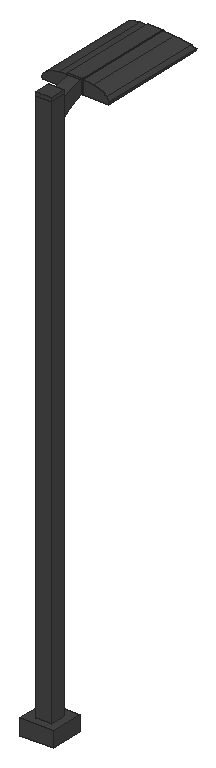
Revit family "ALT3", category Lighting Fixtures, Revit 2014
Parameters (values of type "ALT3")
  Width = 14.00"
  Wattage Comments = "20W"
  Wattage = 20 W
  built-in parameter 1150110 = 1 (stored number, unit not read)
  Voltage = 0 V
  URL = "https://www.hubbell.com/kimlighting/en"
  Type Comments = "Lighting Fixture"  # constant formula
  built-in parameter 1114217 = 1 (stored number, unit not read)
  Tilt Angle = 90.00°  # constant formula
  built-in parameter 1150109 = 1 (stored number, unit not read)
  built-in parameter 1150134 = (empty or 0)
  built-in parameter 1150113 = 1 (stored number, unit not read)
  Series = "Altitude"  # constant formula
  Revisions Date = "04/04/2019"  # constant formula
  Product Page URL = "https://www.hubbell.com/kimlighting/en/Products/Lighting-Controls/Harsh-Hazardous-Lighting/Street-Lighting/Altitude-2-0/p/2879707"
  Product Documentation Link = "https://hubbellcdn.com/specsheet/kl_alt2_spec.pdf"
  Power Factor = 1
  Pole Width = 4.00"
  Pole Height [instance] = 149.94162"
  Pole = yes
  Photometric Web Link = "https://www.hubbell.com/kimlighting/en/Products/Lighting-Controls/Harsh-Hazardous-Lighting/Street-Lighting/Altitude-2-0/p/2879707#prod-resources-section"
  Photometric Web File = "ALT3-168L-305-3K7-2-BC.ies"
  Photometric Notes = "More IES files download on Photometric Web Link"  # constant formula
  Offset From Pole = 6.12"
  Number of Poles = 1
  Model = "ALT3"
  Manufacturer = "KIM Lighting"  # constant formula
  Lumens = 2980 lm
  built-in parameter 1150115 = 1 (stored number, unit not read)
  built-in parameter 1150105 = 237.14 (stored number, unit not read)
  Light source [instance] = Pole Height - 3.50"  # 146.44162"
  built-in parameter 1150137 = (empty or 0)
  built-in parameter 1150139 = (empty or 0)
  Lens = Glass-KIM-Temper Molded
  built-in parameter 1150112 = 1 (stored number, unit not read)
  built-in parameter 1150114 = 1 (stored number, unit not read)
  Lamp = "default"
  built-in parameter 1150132 = (empty or 0)
  built-in parameter 1150102 = (empty or 0)
  built-in parameter 1150138 = (empty or 0)
  built-in parameter 1150107 = 3000 (stored number, unit not read)
  built-in parameter 1150106 = 2.3714 (stored number, unit not read)
  Fixture Height = 7.50"
  Finish = Powder Coat-Kim-Black
  Emit from Rectangle Width = 15.00"  # constant formula
  Emit from Rectangle Length = 25.00"  # constant formula
  Emit Shape Visible in Rendering = no
  built-in parameter 1150104 = 13.843 (stored number, unit not read)
  Dimming Lamp Color Temperature Shift = <None>
  Description = "Altitude® is the ultimate in luminaire design innovation with a unique balance of form, engineering and superior optics. The low profile housing is proportional and scalable with three sizes to cover more pedestrian/site/roadway environments than ever before. The result is an architecturally relevant luminaire of unsurpassed quality and flexibility that maximizes the power and performance."  # constant formula
  Depth = 18.44"
  Color Temperature = 0 K
  Color Filter = 16777215
  Certifications = "UL Listed"
  Center Width = 3.00"
  built-in parameter 1114218 = 1 (stored number, unit not read)
  built-in parameter 1150133 = 10 (stored number, unit not read)
  Assembly Code = "D5020200"
  Apparent Load = 20 VA
Reference planes (in)
  plane 1 "Light Source Axis (F/B)": y = 0
  plane 2: z = 0
  plane 3 "Light Source Axis (L/R)": x = 1.5
  plane 4 "Light Source Elevation": z = 146.44162
  plane 5 "Back": y = -15.34
Dimensions and locks (in)
  "Light source": plane 4 "Light Source Elevation" to plane 2
  aligned and locked: plane 4 "Light Source Elevation" to imposter light
  aligned and locked: nested 1 to plane 3 "Light Source Axis (L/R)"
  aligned and locked: nested 1 to plane 5 "Back"
  aligned and locked: imposter light to plane 3 "Light Source Axis (L/R)"
  aligned and locked: nested 1 to nested 2
Nested families (in)
  nested 1: "Kim_Lighting-Square_Pole" at (1.5, -17.34, 0) x (-1, 0, 0) z (0, 0, 1), visible <- "Pole", type "Kim_Lighting-Square_Pole"
    with Width 4.00", Height 149.94162", Base Cover 8.625"
  nested 2: "3ALT" at (1.54982, -15.34, 146.25559) x (-1, 0, 0) z (0, 1, 0), type "3ALT"
    with Lens White Glass, Finish Powder Coat-Kim-Black
Connectors (in)
  electrical at (1.5, -15.34, 18), driven by "Power Factor", driven by "Apparent Load", driven by "Apparent Load", driven by "Voltage", driven by "Number of Poles"
    settings: on nested 1, index 1, voltage 0 V, apparent load 20 VA, apparent load phase1 20 VA, apparent load phase2 0 VA, apparent load phase3 0 VA, power factor 1, load classification "Lighting", number of poles 1, system type 30, power factor state 1, is connector primary yes, connector utility no, sub classification motor no, connector description "Lighting Connector"
Definition of nested family "Kim_Lighting-Square_Pole"
  Parameters
    Width = 5.00"
    URL = "http://www.kimlighting.com/"
    Type Comments = "Non-Tapered Pole"
    Model = "Square Pole"  # constant formula
    Manufacturer = "KIM Lighting"  # constant formula
    Height = 240.00"
    Finish = none
    Base Cover = if(Width = 5.00", 12.625", 8.625")  # 12.625"
  Reference planes (in)
    plane 1 "Center (Front/Back)": y = 0
    plane 2: z = 0
    plane 3 "Center (Left/Right)": x = 0
    plane 4 "Front": y = -2.5
    plane 5 "Left": x = -2.5
    plane 6 "Right": x = 2.5
    plane 7 "Back": y = 2.5
    plane 8 "Top": z = 240
    plane 9: x = -6.3125
    plane 10: x = 6.3125
    plane 11: y = 6.3125
    plane 12: y = -6.3125
    plane 13: z = 18
  Forms (in)
    Extrusion 1, solid, material <- "Finish"
      sketch origin (0, 0, 0) x (1, 0, 0) y (0, 1, 0)
        loop
          line (-2.5, -2.5) -> (2.5, -2.5) -> (2.5, 2.5) -> (-2.5, 2.5) -> (-2.5, -2.5)
      from 0 to 240
    Extrusion 2, solid, material <- "Finish", detail levels medium+fine
      sketch origin (0, 0, 0) x (1, 0, 0) y (0, 1, 0)
        loop
          line (-6.3125, -6.3125) -> (6.3125, -6.3125) -> (6.3125, 6.3125) -> (-6.3125, 6.3125) -> (-6.3125, -6.3125)
        loop
          line (-2.5, -2.5) -> (2.5, -2.5) -> (2.5, 2.5) -> (-2.5, 2.5) -> (-2.5, -2.5)
      from 0 to 4
    Extrusion 3, solid, material <- "Finish", detail levels fine
      sketch origin (0, 0, 0) x (1, 0, 0) y (0, 0, 1)
        loop
          line (-1.5, 15) -> (1.5, 15) -> (1.5, 21) -> (-1.5, 21) -> (-1.5, 15)
      from 2.5 to 2.5625
    Extrusion 4, solid, material <- "Finish", detail levels fine
      sketch origin (0, 0, 240) x (-1, 0, 0) y (0, -1, 0)
        loop
          line (2.5625, 2.5625) -> (-2.5625, 2.5625) -> (-2.5625, -2.5625) -> (2.5625, -2.5625) -> (2.5625, 2.5625)
      from 0.10394 to -0.89606
  Lines and regions (in)
    Masking region 1
      outline origin (0, 0, 0) x (1, 0, 0) y (0, 0, 1)
        loop
          line (-2.5, 0) -> (2.5, 0) -> (2.5, 240) -> (-2.5, 240) -> (-2.5, 0)
    Masking region 2, detail levels medium+fine
      outline origin (0, 0, 0) x (1, 0, 0) y (0, 0, 1)
        loop
          line (-6.3125, 0) -> (6.3125, 0) -> (6.3125, 4) -> (-6.3125, 4) -> (-6.3125, 0)
    Masking region 3, detail levels fine
      outline origin (0, 0, 0) x (1, 0, 0) y (0, 0, 1)
        loop
          line (-2.5625, 239.10394) -> (2.5625, 239.10394) -> (2.5625, 240.10394) -> (-2.5625, 240.10394) -> (-2.5625, 239.10394)
    Masking region 4
      outline origin (0, 0, 0) x (0, 1, 0) y (0, 0, 1)
        loop
          line (2.5, 0) -> (2.5, 240) -> (-2.5, 240) -> (-2.5, 0) -> (2.5, 0)
    Masking region 5, detail levels medium+fine
      outline origin (0, 0, 0) x (0, 1, 0) y (0, 0, 1)
        loop
          line (6.3125, 0) -> (6.3125, 4) -> (-6.3125, 4) -> (-6.3125, 0) -> (6.3125, 0)
    Masking region 6, detail levels fine
      outline origin (0, 0, 0) x (0, 1, 0) y (0, 0, 1)
        loop
          line (2.5625, 239.10394) -> (2.5625, 240.10394) -> (-2.5625, 240.10394) -> (-2.5625, 239.10394) -> (2.5625, 239.10394)
    Masking region 7, detail levels medium+fine
      outline origin (0, 0, 0) x (1, 0, 0) y (0, 1, 0)
        loop
          line (-6.3125, -6.3125) -> (6.3125, -6.3125) -> (6.3125, 6.3125) -> (-6.3125, 6.3125) -> (-6.3125, -6.3125)
        loop
          line (-2.5, -2.5) -> (2.5, -2.5) -> (2.5, 2.5) -> (-2.5, 2.5) -> (-2.5, -2.5)
    Masking region 8
      outline origin (0, 0, 0) x (1, 0, 0) y (0, 1, 0)
        loop
          line (-2.5, -2.5) -> (2.5, -2.5) -> (2.5, 2.5) -> (-2.5, 2.5) -> (-2.5, -2.5)
    symbolic lines, detail levels fine
      curve 1: line (-1.5, 0, 15) -> (1.5, 0, 15)
      curve 2: line (-1.5, 0, 21) -> (-1.5, 0, 15)
      curve 3: line (1.5, 0, 21) -> (-1.5, 0, 21)
      curve 4: line (1.5, 0, 15) -> (1.5, 0, 21)
  Dimensions and locks (in)
    equal spacing: plane 7 "Back", plane 1 "Center (Front/Back)", plane 4 "Front"
    equal spacing: plane 5 "Left", plane 3 "Center (Left/Right)", plane 6 "Right"
    "Width": plane 7 "Back" to plane 4 "Front"
    "Width": plane 5 "Left" to plane 6 "Right"
    plane 3 "Center (Left/Right)" to Extrusion 1 = 2.50"
    "Height": plane 8 "Top" to level
    equal spacing: plane 11, plane 1 "Center (Front/Back)", plane 12
    "Base Cover": plane 11 to plane 12
    equal spacing: plane 9, plane 3 "Center (Left/Right)", plane 10
    "Base Cover": plane 9 to plane 10
    locked: Extrusion 2 to level at 4
    locked: plane 13 to level at 18
    Extrusion 3 sketch curve to plane 13 to Extrusion 3 sketch curve = 3.00" locked, 3.00" locked
    Extrusion 3 sketch curve to plane 3 "Center (Left/Right)" to Extrusion 3 sketch curve = 1.50" locked, 1.50" locked
    locked: plane 4 "Front" to Extrusion 3 at 0.0625
    Extrusion 4 to plane 8 "Top" to Extrusion 4 = 0.10394" locked, 0.89606" locked
    aligned and locked: plane 5 "Left" to Extrusion 1 sketch curve
    aligned and locked: Extrusion 1 sketch curve to plane 4 "Front"
    aligned and locked: plane 7 "Back" to Extrusion 1 sketch curve
    aligned and locked: Extrusion 1 sketch curve to plane 6 "Right"
    aligned and locked: plane 8 "Top" to Extrusion 1
    aligned and locked: plane 9 to Extrusion 2 sketch curve
    aligned and locked: Extrusion 2 sketch curve to plane 12
    aligned and locked: plane 11 to Extrusion 2 sketch curve
    aligned and locked: Extrusion 2 sketch curve to plane 10
    aligned and locked: Extrusion 1 to Extrusion 2 sketch curve
    aligned and locked: Extrusion 2 sketch curve to Extrusion 1  (x3)
    aligned and locked: plane 4 "Front" to Extrusion 3
    aligned: plane 8 "Top" to Extrusion 4
    aligned and locked: Masking region 1 sketch curve to Extrusion 1  (x2)
    aligned and locked: plane 8 "Top" to Masking region 1 sketch curve
    aligned and locked: Masking region 1 sketch curve to plane 6 "Right"
    aligned and locked: Masking region 2 sketch curve to Extrusion 2  (x2)
    aligned and locked: Extrusion 2 to Masking region 2 sketch curve
    aligned and locked: Masking region 2 sketch curve to plane 10
    aligned and locked: Extrusion 3 to curve 1
    aligned and locked: curve 1 to Extrusion 3
    aligned and locked: curve 4 to Extrusion 3  (x2)
    aligned and locked: Masking region 3 sketch curve to Extrusion 4  (x3)
    aligned and locked: Extrusion 4 to Masking region 3 sketch curve
    aligned and locked: Masking region 4 sketch curve to Extrusion 1  (x3)
    aligned and locked: Extrusion 1 to Masking region 4 sketch curve
    aligned and locked: Masking region 5 sketch curve to Extrusion 2  (x3)
    aligned and locked: Extrusion 2 to Masking region 5 sketch curve
    aligned and locked: Masking region 6 sketch curve to Extrusion 4  (x3)
    aligned and locked: Extrusion 4 to Masking region 6 sketch curve
    aligned and locked: Extrusion 2 to Masking region 7 sketch curve
    aligned and locked: Masking region 7 sketch curve to Extrusion 2  (x3)
    aligned and locked: Extrusion 1 to Masking region 8 sketch curve
    aligned and locked: Masking region 8 sketch curve to Extrusion 1  (x3)
    aligned and locked: Extrusion 1 to Masking region 7 sketch curve
    aligned and locked: Masking region 7 sketch curve to Extrusion 1  (x3)
  Automatic sketch dimensions
    Extrusion 4 sketch curve to plane 6 "Right" = 0.0625"
    plane 5 "Left" to Extrusion 4 sketch curve = 0.0625"
    plane 7 "Back" to Extrusion 4 sketch curve = 0.0625"
    Extrusion 4 sketch curve to plane 4 "Front" = 0.0625"
Definition of nested family "3ALT"
  Parameters (values of type "3ALT")
    Width = 18.00"
    URL = "http://www.spauldinglighting.com/"
    Product Page URL = ""
    Product Documentation Link = ""
    Manufacturer Phone = "(864)-678-1000"  # constant formula
    Manufacturer Fax = "(866)-898-1065"  # constant formula
    Manufacturer = "Spaulding Lighting"  # constant formula
    Lens [instance] = White Glass
    Length = 34.56"
    Finish [instance] = Powder Coat-Kim-Black
  Reference planes (in)
    plane 1 "Center (Front/Back)": y = 0
    plane 2: z = 0
    plane 3 "Center (Left/Right)": x = 0
    plane 4: z = 34.56
    plane 5: z = 6.62
    plane 6: y = -3.375
    plane 7: x = -9
    plane 8: x = 9
    plane 9: y = 3.5
  Forms (in)
    Extrusion 1, solid, material "Powder Coat-Kim-Black" <- "Finish"
      sketch origin (0, 0, 0) x (0, 1, 0) y (0, 0, 1)
        loop
          line (0, 34.56) -> (0, 13.0003) -> (0, 6.25) -> (3.5, 6.25) -> (3.5, 32.22554) -> (0.61718, 34.56) -> (0, 34.56)
      from -9 to 9
    Extrusion 2, solid, material "Powder Coat-Kim-Black" <- "Finish"
      sketch origin (0, 0, 0) x (0, 1, 0) y (0, 0, 1)
        loop
          line (-3.375, 0) -> (1.56488, 0)
          arc (1.56488, 0) -> (2.78495, 3.2371) -> (3.50838, 6.62) r 23.12072
          line (3.50838, 6.62) -> (0.10272, 6.62)
          arc (0.10272, 6.62) -> (-1.2633, 3.11413) -> (-3.375, 0) r 16.80725
      from -1.5889 to 1.5889
    Sweep 3, solid, material "Powder Coat-Kim-Black" <- "Finish"
      path in 3D
        loop
          line (9, 0, 6.25) -> (9, 3.5, 6.25) -> (9, 3.5, 32.22554) -> (9, 0.61718, 34.56) -> (9, 0, 34.56)
      profile origin (9, 3.5, 19.23777) x (0, -1, 0) y (1, 0, 0)
        loop
          line (0.01398, -10.9639) -> (0.01398, -6.9639) -> (-0.18602, -6.9639) -> (-0.18602, -10.9639) -> (0.01398, -10.9639)
    Extrusion 4, void
      sketch origin (0, 0, 0) x (1, 0, 0) y (0, 0, 1)
        loop
          line (-7.96181, 32.9131) -> (-7.96181, 12.77089) -> (8.03819, 12.77089) -> (8.03819, 32.9131) -> (-7.96181, 32.9131)
        loop
          line (-7.96181, 12.21711) -> (-7.96181, 6.93454) -> (8.03819, 6.93454) -> (8.03819, 12.21711) -> (-7.96181, 12.21711)
      from -0.54237 to 0.18602
    Extrusion 5, solid, material "White Glass" <- "Lens"
      sketch origin (0, 0, 0) x (1, 0, 0) y (0, 0, 1)
        loop
          line (-7.96181, 32.9131) -> (-7.96181, 12.77089) -> (8.03819, 12.77089) -> (8.03819, 32.9131) -> (-7.96181, 32.9131)
        loop
          line (-7.96873, 12.21711) -> (-7.96873, 6.93454) -> (8.03819, 6.93454) -> (8.03819, 12.21711) -> (-7.96873, 12.21711)
      from -0.30667 to 0
    Extrusion 6, void
      sketch origin (0, 0, 0) x (1, 0, 0) y (0, 1, 0)
        loop
          line (-11.39103, 6.90274) -> (-11.39103, 0) -> (-8.60474, 0) -> (-8.82938, 0.61718)
          arc (-8.82938, 0.61718) -> (-8.54472, 1.11413) -> (-8.15158, 1.53058) r 2.42794
          arc (-8.15158, 1.53058) -> (-6.41505, 2.57144) -> (-4.44285, 3.02901) r 6.51556
          arc (-4.44285, 3.02901) -> (-3.21235, 3.2586) -> (-1.9639, 3.34905) r 11.16746
          line (-1.9639, 3.34905) -> (-1.9639, 3.68602) -> (1.9639, 3.68602) -> (1.9639, 3.34905)
          arc (1.9639, 3.34905) -> (3.21235, 3.2586) -> (4.44285, 3.02901) r 11.16746
          arc (4.44285, 3.02901) -> (6.41505, 2.57144) -> (8.15158, 1.53058) r 6.51556
          arc (8.15158, 1.53058) -> (8.54472, 1.11413) -> (8.82938, 0.61718) r 2.42794
          line (8.82938, 0.61718) -> (8.60474, 0) -> (9.60897, 0) -> (9.60897, 6.90274) -> (-11.39103, 6.90274)
      from 0 to 34.56
  Cuts and joins
    Extrusion 4, Extrusion 6 cuts Sweep 3
    Extrusion 6 cuts Extrusion 1
  Lines and regions (in)
    sketch lines
      curve 1: line (9, 3.5, 6.25) -> (9, 3.5, 32.22554)
      curve 2: line (9, 3.5, 32.22554) -> (9, 0.61718, 34.56)
      curve 3: line (9, 0.61718, 34.56) -> (9, 0, 34.56)
      curve 4: line (9, 0, 6.25) -> (9, 3.5, 6.25)
  Dimensions and locks (in)
    plane 4 to plane 5 to level = 27.94", 6.62"
    plane 4 to level = 34.56"
    "Width": plane 8 to plane 7
    equal spacing: plane 8, plane 3 "Center (Left/Right)", plane 7
    plane 6 to plane 1 "Center (Front/Back)" to plane 9 = 3.375", 3.50"
    aligned and locked: plane 2 to level
    aligned and locked: Extrusion 1 to plane 7
    aligned and locked: plane 8 to Extrusion 1
  Automatic sketch dimensions
    Extrusion 1 sketch curve to plane 1 "Center (Front/Back)" = 0.00"
    Extrusion 1 sketch curve to plane 4 = 0.00"
    Extrusion 1 sketch curve to plane 9 = 0.00"
    Extrusion 1 sketch curve to Extrusion 1 sketch curve = 0.61718"
    Extrusion 1 sketch curve to plane 4 = 2.33446"
    plane 5 to Extrusion 1 sketch curve = 6.3803"
    Extrusion 1 sketch curve to plane 5 = 0.37"
    Extrusion 2 sketch curve to level = 0.00"
    Extrusion 2 sketch curve to plane 6 = 0.00"
    Extrusion 2 sketch curve to plane 5 = 0.00"
    plane 5 to Extrusion 2 sketch curve = 4.31062"
    plane 6 to Extrusion 2 sketch curve = 12.76735"
    Extrusion 2 sketch curve to Extrusion 2 sketch curve = 3.25715"
    Extrusion 2 sketch curve to plane 1 "Center (Front/Back)" = 1.56488"
    Extrusion 2 sketch curve to plane 9 = 0.00838"
    profile plane to Sweep 3 sketch curve = 0.18602"
    Sweep 3 sketch curve to profile plane = 0.01398"
    Sweep 3 sketch curve to profile plane = 10.9639"
    Sweep 3 sketch curve to Sweep 3 sketch curve = 4.00"
    plane 7 to Extrusion 4 sketch curve = 1.03819"  (x2)
    plane 5 to Extrusion 4 sketch curve = 0.31454"
    Extrusion 4 sketch curve to plane 8 = 0.96181"  (x2)
    Extrusion 4 sketch curve to Extrusion 4 sketch curve = 5.28257"
    Extrusion 4 sketch curve to Extrusion 4 sketch curve = 0.55378"
    Extrusion 4 sketch curve to plane 4 = 1.6469"
    plane 5 to Extrusion 5 sketch curve = 0.31454"
    plane 7 to Extrusion 5 sketch curve = 1.03127"
    Extrusion 5 sketch curve to Extrusion 5 sketch curve = 0.00693"
    Extrusion 5 sketch curve to plane 8 = 0.96181"  (x2)
    Extrusion 5 sketch curve to Extrusion 5 sketch curve = 5.28257"
    Extrusion 5 sketch curve to Extrusion 5 sketch curve = 0.55378"
    Extrusion 5 sketch curve to plane 4 = 1.6469"
    plane 1 "Center (Front/Back)" to Extrusion 6 sketch curve = 0.00"  (x2)
    Extrusion 6 sketch curve to plane 8 = 0.39526"
    plane 1 "Center (Front/Back)" to Extrusion 6 sketch curve = 0.3327"  (x2)
    Extrusion 6 sketch curve to Extrusion 6 sketch curve = 2.00978"
    plane 6 to Extrusion 6 sketch curve = 0.09468"  (x2)
    plane 3 "Center (Left/Right)" to Extrusion 6 sketch curve = 3.97427"
    Extrusion 6 sketch curve to plane 9 = 0.18602"
    plane 3 "Center (Left/Right)" to Extrusion 6 sketch curve = 1.9639"
    plane 3 "Center (Left/Right)" to Extrusion 6 sketch curve = 1.78249"
    Extrusion 6 sketch curve to plane 3 "Center (Left/Right)" = 1.78249"
    Extrusion 6 sketch curve to plane 3 "Center (Left/Right)" = 1.9639"
    Extrusion 6 sketch curve to plane 3 "Center (Left/Right)" = 3.97427"
    plane 7 to Extrusion 6 sketch curve = 2.40503"
    plane 7 to Extrusion 6 sketch curve = 0.39526"
    plane 7 to Extrusion 6 sketch curve = 0.17062"
    Extrusion 6 sketch curve to plane 7 = 2.39103"
    plane 8 to Extrusion 6 sketch curve = 0.60897"
    plane 6 to Extrusion 6 sketch curve = 4.44194"
    Extrusion 6 sketch curve to Extrusion 6 sketch curve = 0.00"  (x2)
    Extrusion 6 sketch curve to plane 1 "Center (Front/Back)" = 0.61718"
    plane 9 to Extrusion 6 sketch curve = 0.15095"  (x2)
    Extrusion 6 sketch curve to plane 9 = 3.40274"
    Extrusion 6 sketch curve to plane 8 = 0.17062"
    plane 9 to Extrusion 6 sketch curve = 0.47099"  (x2)
